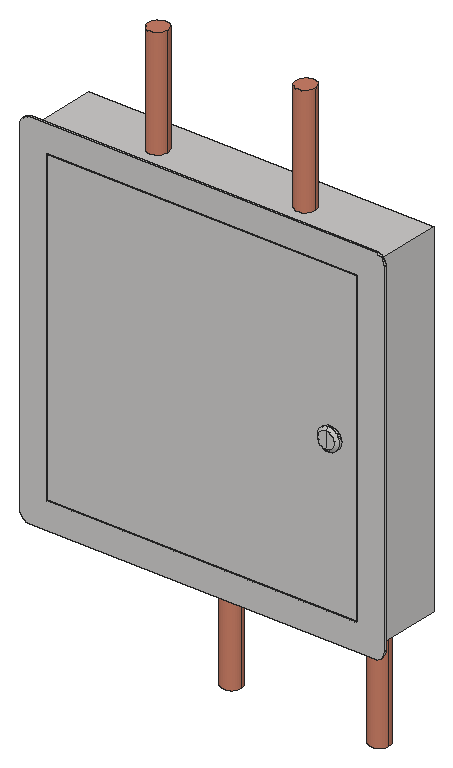
Revit family "Caroma TMV20 Top Inlet Bypass Hinged", category Pipe Accessories, Revit 2014
Parameters (values of type "Top Inlet")
  Width_ANZRS = 75 mm  # constant formula
  URL = "http://specify.caroma.com.au/"
  Type Comments = "Adjustable Temperature range 35-50°, Dynamic Working Pressure 20-500kPa, Maximum 1000kPa Inlet Pressure, Maximum Ratio 10:1"  # constant formula
  Top Inlet = yes
  Side2Flow_ANZRS = 0.7 L/s  # constant formula
  PlumbingMaterial_ANZRS = Metal-Copper-Satin
  ModifiedIssue_ANZRS = 20150421.01  # constant formula
  Model = if(Top Inlet, "BTMV20-008", "BTMV20-007")  # "BTMV20-008"
  Material_ANZRS = Metal-Stainless Steel-Brushed
  Manufacturer = "GWA Bathrooms & Kitchens"  # constant formula
  Length_ANZRS = 370 mm  # constant formula
  K Coefficient = 0
  Height_ANZRS = 370 mm  # constant formula
  End2 Pos = if(Top Inlet, 0 mm, 572 mm)  # 0 mm
  End1 pos = if(Top Inlet, 111 mm, 461 mm)  # 111 mm
  Description = "Thermostatic Mixing Valve in Stainless Steel Enclosure (Hinged Door)"  # constant formula
  CreatedBy_ANZRS = "Design Content"  # constant formula
  CreatedByURL_ANZRS = "http://www.designcontent.com.au"
  Assembly Code = "D2090800"
  Angle = if(Top Inlet, 270.00°, 90.00°)  # 270.00°
Types (3, lengths in mm): name | Top Inlet | Model | End2 Pos | End1 pos | Angle
  (no name) | yes | "BTMV20-008" | 0 | 111 | 270.00°
  Bottom Inlet | no | "BTMV20-007" | 572 | 461 | 90.00°
  Top Inlet | yes | "BTMV20-008" | 0 | 111 | 270.00°
Reference planes
  plane 1 "Center (Front/Back)": y = 0
  plane 2: z = 0
  plane 3 "Center (Left/Right)": x = 0
  plane 4 "Left": x = -185
  plane 5 "Right": x = 185
  plane 6 "Back": y = 37.5
  plane 7 "Front": y = -37.5
  plane 8 "Top": z = 185
  plane 9 "Bottom": z = -185
  plane 10 "End1": z = 286
  plane 11 "End2": z = 175
  plane 12 "Offset Calc": z = 286
  plane 13: x = 130
Forms (mm)
  Extrusion 1, solid, material "Metal-Stainless Steel-Brushed" <- "Material_ANZRS", detail levels fine
    sketch origin (0, 0, 0) x (1, 0, 0) y (0, 0, 1)
      loop
        line (-175, 175) -> (-175, -175) -> (175, -175) -> (175, 175) -> (-175, 175)
    from -37.5 to 35.5
  Extrusion 2, solid, material "Metal-Stainless Steel-Brushed" <- "Material_ANZRS", detail levels fine
    sketch origin (2000, -37.5, 1200) x (1, 0, 0) y (0, 0, 1)
      loop
        arc (-2175, -1015) -> (-2182.071, -1017.929) -> (-2185, -1025) r 10
        line (-2185, -1025) -> (-2185, -1375)
        arc (-2185, -1375) -> (-2182.071, -1382.071) -> (-2175, -1385) r 10
        line (-2175, -1385) -> (-1825, -1385)
        arc (-1825, -1385) -> (-1817.929, -1382.071) -> (-1815, -1375) r 10
        line (-1815, -1375) -> (-1815, -1025)
        arc (-1815, -1025) -> (-1817.929, -1017.929) -> (-1825, -1015) r 10
        line (-1825, -1015) -> (-2175, -1015)
      loop
        line (-1842, -1042) -> (-2158, -1042) -> (-2158, -1358) -> (-1842, -1358) -> (-1842, -1042)
      loop
        line (-1843, -1043) -> (-2157, -1043) -> (-2157, -1357) -> (-1843, -1357) -> (-1843, -1043)
    from 0 to -2
  Revolve 3, solid, material "Metal-Stainless Steel-Brushed" <- "Material_ANZRS", detail levels fine
    sketch origin (130, -1524, -64.965) x (0, 0, 1) y (0, -1, 0)
      loop
        line (64.965, -1481.5) -> (64.965, -1486.5) -> (76.399, -1486.5) -> (76.399, -1484.5) -> (73.399, -1481.5) -> (64.965, -1481.5)
      axis (64.965, -1481.5) -> (64.965, -1486.5)
    angle from 0 to 360
  Extrusion 4, solid, material "Metal-Copper-Satin" <- "PlumbingMaterial_ANZRS", detail levels fine
    sketch origin (-1351.99, -1524, -185) x (-1, 0, 0) y (0, -1, 0)
      loop
        circle (-1351.99, -1524) r 10
    from 10 to -101
  Extrusion 5, solid, material "Metal-Copper-Satin" <- "PlumbingMaterial_ANZRS", detail levels fine
    sketch origin (85, -1524, 175) x (-1, 0, 0) y (0, -1, 0)
      loop
        circle (160, -1524) r 10
    from 0 to 111
  Extrusion 6, solid, material "Metal-Copper-Satin" <- "PlumbingMaterial_ANZRS", detail levels fine
    sketch origin (85, -1524, 175) x (-1, 0, 0) y (0, -1, 0)
      loop
        circle (10, -1524) r 10
    from 0 to 111
  Extrusion 7, solid, material "Metal-Copper-Satin" <- "PlumbingMaterial_ANZRS", detail levels fine
    sketch origin (-1201.99, -1524, -185) x (-1, 0, 0) y (0, -1, 0)
      loop
        circle (-1351.99, -1524) r 10
    from 10 to -101
Cuts and joins
  joined: Extrusion 1, Extrusion 2
Lines and regions (mm)
  model lines, style "Valves", detail levels coarse+medium
    curve 1: line (75, -75, 0) -> (-75, 75, 0)
    curve 2: line (-75, -75, 0) -> (-75, 75, 0)
    curve 3: line (75, -75, 0) -> (75, 75, 0)
    curve 4: line (-75, -75, 0) -> (75, 75, 0)
    curve 5: line (0, 0, 0) -> (0, 150, 0)
    curve 6: line (50, 150, 0) -> (-50, 150, 0)
    curve 7: line (75, 0, -75) -> (-75, 0, 75)
    curve 8: line (-75, 0, -75) -> (-75, 0, 75)
    curve 9: line (75, 0, -75) -> (75, 0, 75)
    curve 10: line (-75, 0, -75) -> (75, 0, 75)
    curve 11: line (0, 0, 0) -> (0, 0, 150)
    curve 12: line (50, 0, 150) -> (-50, 0, 150)
  reference lines, not visible
    curve 13: line (-75, 0, 175) -> (-75, 0, 286)
    curve 14: line (75, 0, 175) -> (75, 0, 286)
Dimensions and locks
  equal spacing: plane 4 "Left", plane 3 "Center (Left/Right)", plane 5 "Right"
  equal spacing: plane 7 "Front", plane 1 "Center (Front/Back)", plane 6 "Back"
  "Width_ANZRS": plane 7 "Front" to plane 6 "Back"
  "Length_ANZRS": plane 4 "Left" to plane 5 "Right"
  equal spacing: plane 8 "Top", level, plane 9 "Bottom"
  "Height_ANZRS": plane 8 "Top" to plane 9 "Bottom"
  locked: Extrusion 1 sketch curve to plane 4 "Left" at 10
  locked: plane 8 "Top" to Extrusion 1 sketch curve at 10
  locked: plane 5 "Right" to Extrusion 1 sketch curve at 10
  locked: Extrusion 1 sketch curve to plane 9 "Bottom" at 10
  locked: curve 12 to level at 150
  curve 10 to curve 8 to level to curve 9 to curve 10 = 0 mm locked, 75 mm locked, 75 mm locked, 0 mm locked
  locked: plane 12 "Offset Calc" to plane 8 "Top" at 101
  "End1 pos": plane 12 "Offset Calc" to plane 11 "End2"
  "End2 Pos": plane 12 "Offset Calc" to plane 10 "End1"
  "End1 pos": plane 12 "Offset Calc" to curve 13
  "End1 pos": plane 12 "Offset Calc" to curve 14
  locked: curve 13 to curve 13 at 111
  locked: curve 14 to curve 14 at 111
  plane 8 "Top" to Extrusion 2 sketch curve to Extrusion 2 sketch curve = 27 mm locked, 1 mm locked
  Extrusion 2 sketch curve to Extrusion 2 sketch curve to plane 9 "Bottom" = 1 mm locked, 27 mm locked
  Extrusion 2 sketch curve to Extrusion 2 sketch curve to plane 4 "Left" = 1 mm locked, 27 mm locked
  plane 5 "Right" to Extrusion 2 sketch curve to Extrusion 2 sketch curve = 27 mm locked, 1 mm locked
  locked: plane 5 "Right" to plane 13 at 55
  radius of Extrusion 2 sketch curve = 10 mm  (x4)
  "Angle": angle curve 14 to plane 11 "End2"
  "Angle": angle plane 11 "End2" to curve 13
  aligned and locked: level to plane 2
  aligned and locked: Extrusion 1 to plane 6 "Back"
  aligned and locked: Extrusion 2 sketch curve to plane 8 "Top"
  aligned and locked: plane 4 "Left" to Extrusion 2 sketch curve
  aligned and locked: plane 9 "Bottom" to Extrusion 2 sketch curve
  aligned and locked: Extrusion 2 sketch curve to plane 5 "Right"
  aligned and locked: plane 11 "End2" to Extrusion 6
  aligned and locked: plane 11 "End2" to Extrusion 5
  aligned and locked: Extrusion 6 to plane 10 "End1"
  aligned and locked: Extrusion 5 to plane 10 "End1"
  aligned and locked: Extrusion 1 to Extrusion 2
Automatic sketch dimensions
  curve 11 to plane 3 "Center (Left/Right)" = 0 mm
  curve 11 to level = 0 mm
  curve 10 to plane 3 "Center (Left/Right)" = 75 mm
  curve 12 to plane 3 "Center (Left/Right)" = 50 mm
  plane 3 "Center (Left/Right)" to curve 12 = 50 mm
  curve 5 to plane 3 "Center (Left/Right)" = 0 mm
  plane 1 "Center (Front/Back)" to curve 5 = 0 mm
  curve 4 to plane 3 "Center (Left/Right)" = 75 mm
  plane 3 "Center (Left/Right)" to curve 4 = 75 mm
  plane 7 "Front" to curve 3 = 37.5 mm
  plane 7 "Front" to curve 2 = 37.5 mm
  curve 4 to plane 6 "Back" = 37.5 mm
  curve 6 to plane 3 "Center (Left/Right)" = 50 mm
  plane 3 "Center (Left/Right)" to curve 6 = 50 mm
  curve 3 to curve 6 = 75 mm
  plane 1 "Center (Front/Back)" to Extrusion 4 sketch curve = 0 mm
  Extrusion 4 sketch curve to plane 3 "Center (Left/Right)" = 0 mm
  plane 1 "Center (Front/Back)" to Extrusion 5 sketch curve = 0 mm
  Extrusion 5 sketch curve to plane 3 "Center (Left/Right)" = 75 mm
  plane 1 "Center (Front/Back)" to Extrusion 6 sketch curve = 0 mm
  plane 3 "Center (Left/Right)" to Extrusion 6 sketch curve = 75 mm
  plane 1 "Center (Front/Back)" to Extrusion 7 sketch curve = 0 mm
  Extrusion 7 sketch curve to plane 5 "Right" = 35 mm
  Revolve 3 sketch curve to plane 7 "Front" = 0 mm  (x2)
  plane 7 "Front" to Revolve 3 sketch curve = 5 mm
  Revolve 3 sketch curve to plane 8 "Top" = 185 mm
  Revolve 3 sketch curve to Revolve 3 sketch curve = 8.434 mm
  Revolve 3 sketch curve to Revolve 3 sketch curve = 3 mm
  Revolve 3 sketch curve to Revolve 3 sketch curve = 2 mm
  Revolve 3 sketch curve to Revolve 3 sketch curve = 0 mm
  Revolve 3 sketch curve to plane 7 "Front" = 13.179 mm
  curve 13 to plane 3 "Center (Left/Right)" = 75 mm
  curve 14 to plane 13 = 55 mm
  radius of Extrusion 4 sketch curve = 10 mm
  radius of Extrusion 5 sketch curve = 10 mm
  radius of Extrusion 6 sketch curve = 10 mm
  radius of Extrusion 7 sketch curve = 10 mm
Connectors
  piping at (0, 0, -286), diameter 20, driven by "K Coefficient", driven by "Side2Flow_ANZRS"
    settings: on Extrusion 4, index 3, connector inside diameter 609.6 mm, connector length 0 mm, flow factor 0, pipe flow 0.7 L/s, pressure drop 0.0 Pa, fitting loss kfactor 0, connector angle 0.00°, fixture units 0, engagement length 0 mm, angle of deflection 0.00°, flow configuration 0, flow direction 2, fitting loss method 2, system type 29, joint type 0, gender type 0, connector reference index 4, connector utility 0, adjustable connector no, is connector primary yes, connector description "Temperate Out"
  piping at (-75, 0, 286), diameter 20
    settings: on curve 13, index 4, connector inside diameter 609.6 mm, connector length 0 mm, flow factor 0, pipe flow 0.0 L/s, pressure drop 0.0 Pa, fitting loss kfactor 0, connector angle 0.00°, fixture units 0, engagement length 0 mm, angle of deflection 0.00°, flow configuration 0, flow direction 1, fitting loss method 0, system type 19, joint type 0, gender type 0, connector reference index 3, connector utility 0, adjustable connector no, is connector primary no, connector description "Hot In"
  piping at (75, 0, 286), diameter 20
    settings: on curve 14, index 5, connector inside diameter 609.6 mm, connector length 0 mm, flow factor 0, pipe flow 0.0 L/s, pressure drop 0.0 Pa, fitting loss kfactor 0, connector angle 0.00°, fixture units 0, engagement length 0 mm, angle of deflection 0.00°, flow configuration 0, flow direction 1, fitting loss method 0, system type 20, joint type 0, gender type 0, connector reference index 6, connector utility 0, adjustable connector no, is connector primary no, connector description "Cold In"
  piping at (150, 0, -286), diameter 20, driven by "K Coefficient", driven by "Side2Flow_ANZRS"
    settings: on Extrusion 7, index 6, connector inside diameter 609.6 mm, connector length 0 mm, flow factor 0, pipe flow 0.7 L/s, pressure drop 0.0 Pa, fitting loss kfactor 0, connector angle 0.00°, fixture units 0, engagement length 0 mm, angle of deflection 0.00°, flow configuration 0, flow direction 2, fitting loss method 2, system type 20, joint type 0, gender type 0, connector reference index 5, connector utility 0, adjustable connector no, is connector primary no, connector description "Cold Out"
